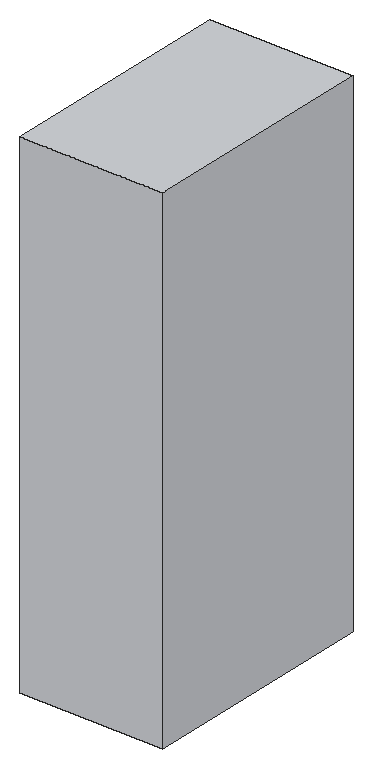
Revit family "第二期車站08_RTU機櫃_600x1000x2100", category 電氣設備, Revit 2025
Family settings
  面板規劃 = 兩欄，回路穿越
  圓形接點標註 = 使用直徑
  組件類型 = 分電盤
  OmniClass 編號 = 23.80.30.11.17
  OmniClass 標題 = Distribution Boards and Control Panels
  以工作平面為基礎 = 否
  總是垂直 = 是
  載入時使用空心切割 = 否
  維持標註方位 = 否
  共用 = 否
  房間計算點 = 否
Parameters (values of type "RTU 與網路機櫃")
  built-in parameter 1155100 [instance] = -1
  Default Elevation = 0 mm
  built-in parameter 1140142 [instance] = -1
  SCADA_高mm [instance] = "2100"
  SCADA_附錄F項次 [instance] = "26"
  SCADA_附錄D項次 [instance] = "17"
  SCADA_編號 [instance] = "P2S08-COMS-RTU-01"
  SCADA_站點 [instance] = "車站 8"
  SCADA_深mm [instance] = "1000"
  SCADA_機櫃類型 [instance] = "RTU 與網路機櫃"
  SCADA_期別 [instance] = "第二期"
  SCADA_房間 [instance] = "COMS/SCADA 設備室"
  SCADA_建物 [instance] = "車站"
  SCADA_尺寸 [instance] = "600W×1000D×2100H"
  SCADA_寬mm [instance] = "600"
  SCADA_定位來源 [instance] = "獨立設備族群（載入專案後定位）"
  SCADA_備註 [instance] = ""
  SCADA_來源文件 [instance] = "Installation SoW_V6（Rev.006, 2026-07-02）附錄 D / F；依原文顏色標示排除已刪除項目"
  SCADA_UPS電源110V [instance] = "雙 UPS 電源（2×4500VA）"
  built-in parameter 1140140 [instance] = 1 (stored number, unit not read)
Reference planes
  plane 1 "中心 (前/後)": y = 0
  plane 2: z = 0
  plane 3 "中心 (左/右)": x = 0
Forms (mm)
  Extrusion 1, solid
    sketch origin (0, 0, 0) x (1, 0, 0) y (0, 1, 0)
      loop
        line (-300, -500) -> (300, -500) -> (300, 500) -> (-300, 500) -> (-300, -500)
    from 0 to 2100
Lines and regions (mm)
  model lines, style "開門線"
    curve 1: line (300, -500, 0) -> (300, -1100, 0)
    curve 2: arc (-300, -500, 0) -> (-124.264, -924.264, 0) -> (300, -1100, 0) r 600
    curve 3: line (-300, 500, 0) -> (-300, 1100, 0)
    curve 4: arc (300, 500, 0) -> (124.264, 924.264, 0) -> (-300, 1100, 0) r 600
Dimensions and locks
  aligned and locked: level to plane 2
